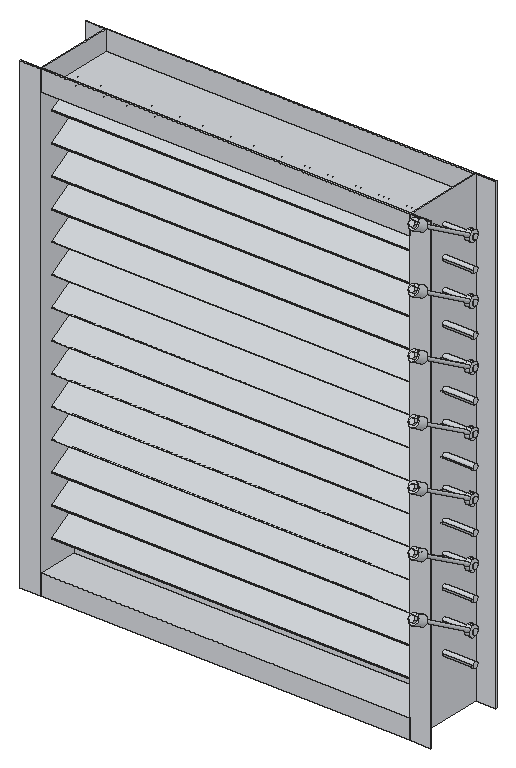
Revit family "ICB-800", category Mechanical Equipment, Revit 2015
Parameters
  Weight Spacing = 0' - 5 3/4"
  Weight Number [instance] = Blade Number / 2  # 7
  URL = "http://unitedenertech.com/catalog/pdf/F_14,15,16,17%20%20MODEL%20ICB-800.pdf"
  Type Comments = "Max. Single Section Size is (48\"w x 48\"h)"
  Model = "ICB-800"
  Manufacturer = "United Enertech Corporation"
  Keynote = "This model is only a representation of the product, blade position will vary from built dampers."
  Exact Width = 3' - 0"
  Exact Height = 3' - 6"
  Description = "Industrial Backdraft Damper"
  Blade Spacing = 0' - 2 7/8"
  Blade Number [instance] = rounddown((Exact Height - 0' 1") / Blade Spacing)  # 14
  BW [instance] = Exact Width - 0' 0 3/16"  # 2' - 11 13/16"
Reference planes (in)
  plane 1 "Center (Front/Back)": y = 0
  plane 2: z = 0
  plane 3 "Center (Left/Right)": x = 0
  plane 4: x = -18
  plane 5: x = 18
  plane 6: x = -20
  plane 7: x = 20
  plane 8: z = 42
  plane 9: z = -2
  plane 10: z = 44
  plane 11: z = 40.88937
  plane 12: x = 21.00625
  plane 13: z = 41.81144
Forms (in)
  Extrusion 1, solid
    sketch origin (-45, 57.8858, 15.83933) x (0, 1, 0) y (0, 0, -1)
      loop
        line (-57.8858, 17.83933) -> (-57.8858, 15.83933) -> (-49.8858, 15.83933) -> (-49.8858, 17.83933) -> (-49.9605, 17.83933) -> (-49.9605, 15.91403) -> (-57.8111, 15.91403) -> (-57.8111, 17.83933) -> (-57.8858, 17.83933)
    from -63 to -27
  Extrusion 2, solid
    sketch origin (-8.16067, 63.8858, 0) x (0, 1, 0) y (-1, 0, 0)
      loop
        line (-63.8858, 11.83933) -> (-63.8858, 9.83933) -> (-55.8858, 9.83933) -> (-55.8858, 11.83933) -> (-55.9605, 11.83933) -> (-55.9605, 9.91403) -> (-63.8111, 9.91403) -> (-63.8111, 11.83933) -> (-63.8858, 11.83933)
    from -2 to 44
  Extrusion 3, solid
    sketch origin (8.16067, 63.8858, 0) x (0, 1, 0) y (-1, 0, 0)
      loop
        line (-63.8858, -11.83933) -> (-63.8111, -11.83933) -> (-63.8111, -9.91403) -> (-55.9605, -9.91403) -> (-55.9605, -11.83933) -> (-55.8858, -11.83933) -> (-55.8858, -9.83933) -> (-63.8858, -9.83933) -> (-63.8858, -11.83933)
    from -2 to 44
  Extrusion 4, solid
    sketch origin (-45, -49.8858, 20.16067) x (0, -1, 0) y (0, 0, 1)
      loop
        line (-57.8858, 23.83933) -> (-57.8858, 21.83933) -> (-49.8858, 21.83933) -> (-49.8858, 23.83933) -> (-49.9605, 23.83933) -> (-49.9605, 21.91403) -> (-57.8111, 21.91403) -> (-57.8111, 23.83933) -> (-57.8858, 23.83933)
    from -63 to -27
  Extrusion 5, solid
    sketch origin (0, 0, -0.14076) x (0, 1, 0) y (0, 0, 1)
      loop
        line (4.00772, 0.14076) -> (4.75772, 0.14076) -> (4.75772, 0.23076) -> (4.09772, 0.23076) -> (4.09772, 2.41759) -> (4.00772, 2.41759) -> (4.00772, 0.14076)
    from -18 to 18
Dimensions and locks (in)
  equal spacing: plane 4, plane 3 "Center (Left/Right)", plane 5
  "Exact Width": plane 4 to plane 5
  locked: plane 6 to plane 4 at 2
  locked: plane 5 to plane 7 at 2
  "Exact Height": plane 8 to level
  locked: plane 10 to plane 8 at 2
  locked: level to plane 9 at 2
  locked: plane 5 to plane 12 at 3.00625
  locked: plane 8 to plane 11 at 1.11063
  locked: plane 8 to plane 13 at 0.18856
  equal spacing: group 2, group 3, group 4, group 5, group 6, group 7, group 8, group 9, group 10, group 11, group 12, group 13, group 19, group 21  (x2)
  equal spacing: group 21, group 19, group 13, group 12, group 11, group 10, group 9, group 8, group 7, group 6, group 5, group 4, group 3, group 2
  "Blade Spacing": nested 3 to nested 2
  equal spacing: group 1, group 14, group 15, group 16, group 17, group 18, group 20  (x2)
  equal spacing: group 20, group 18, group 17, group 16, group 15, group 14, group 1
  "Weight Spacing": nested 1 to nested 14
  aligned and locked: level to plane 2
  aligned and locked: level to Extrusion 1
  aligned and locked: Extrusion 4 to plane 8
  aligned and locked: plane 5 to Extrusion 1
  aligned and locked: plane 5 to Extrusion 4
  aligned and locked: plane 4 to Extrusion 4
  aligned and locked: plane 4 to Extrusion 1
  aligned and locked: plane 10 to Extrusion 2
  aligned and locked: plane 10 to Extrusion 3
  aligned and locked: Extrusion 3 to plane 9
  aligned and locked: Extrusion 2 to plane 9
  aligned and locked: plane 5 to Extrusion 5
  aligned and locked: plane 4 to Extrusion 5
  aligned and locked: plane 12 to nested 1
  aligned and locked: plane 3 "Center (Left/Right)" to nested 2
  aligned and locked: nested 2 to plane 11
  aligned and locked: plane 13 to nested 1
  aligned and locked: nested 1 to nested 14
Automatic sketch dimensions
  Extrusion 1 sketch curve to level = 0' - 2"
  Extrusion 1 sketch curve to plane 1 "Center (Front/Back)" = 0' - 0"
  Extrusion 1 sketch curve to Extrusion 1 sketch curve = 0' - 0.0747"  (x3)
  Extrusion 1 sketch curve to Extrusion 1 sketch curve = 0' - 7.8506"
  Extrusion 1 sketch curve to level = 0' - 0.0747"
  Extrusion 1 sketch curve to Extrusion 1 sketch curve = 0' - 1.9253"
  plane 1 "Center (Front/Back)" to Extrusion 2 sketch curve = 0' - 0"
  Extrusion 2 sketch curve to plane 6 = 0' - 0"  (x2)
  Extrusion 2 sketch curve to plane 4 = 0' - 0"
  Extrusion 2 sketch curve to plane 1 "Center (Front/Back)" = 0' - 0.0747"
  plane 4 to Extrusion 2 sketch curve = 0' - 0.0747"
  Extrusion 2 sketch curve to Extrusion 2 sketch curve = 0' - 7.8506"
  Extrusion 2 sketch curve to Extrusion 2 sketch curve = 0' - 0.0747"
  plane 1 "Center (Front/Back)" to Extrusion 3 sketch curve = 0' - 0"
  Extrusion 3 sketch curve to plane 7 = 0' - 0"  (x2)
  Extrusion 3 sketch curve to plane 5 = 0' - 0"
  Extrusion 3 sketch curve to Extrusion 3 sketch curve = 0' - 0.0747"  (x2)
  Extrusion 3 sketch curve to plane 5 = 0' - 0.0747"
  Extrusion 3 sketch curve to Extrusion 3 sketch curve = 0' - 7.8506"
  Extrusion 4 sketch curve to plane 1 "Center (Front/Back)" = 0' - 8"
  Extrusion 4 sketch curve to Extrusion 4 sketch curve = 0' - 0.0747"  (x3)
  Extrusion 4 sketch curve to Extrusion 4 sketch curve = 0' - 7.8506"
  level to Extrusion 4 sketch curve = 3' - 6"
  Extrusion 4 sketch curve to Extrusion 4 sketch curve = 0' - 1.9253"  (x2)
  Extrusion 5 sketch curve to plane 1 "Center (Front/Back)" = 0' - 4.00772"
  Extrusion 5 sketch curve to Extrusion 5 sketch curve = 0' - 0.09"  (x2)
  level to Extrusion 5 sketch curve = 0' - 0.09"
  Extrusion 5 sketch curve to Extrusion 5 sketch curve = 0' - 0.66"
  Extrusion 5 sketch curve to Extrusion 5 sketch curve = 0' - 2.18683"
Nested families (in)
  nested 1: "ICBWEIGHT" at (18.23936, -0.50932, 39.40358), type "ICBWEIGHT"
  nested 2: "ICBBlades" at (0, 2.4499, 40.09116), type "ICBBlades"
    with Blade Width 2' - 11 13/16"
  nested 3: "ICBBlades" at (0, 2.4499, 37.21616), type "ICBBlades"
    with Blade Width 2' - 11 13/16"
  nested 4: "ICBBlades" at (0, 2.4499, 34.34116), type "ICBBlades"
    with Blade Width 2' - 11 13/16"
  nested 5: "ICBBlades" at (0, 2.4499, 31.46616), type "ICBBlades"
    with Blade Width 2' - 11 13/16"
  nested 6: "ICBBlades" at (0, 2.4499, 28.59116), type "ICBBlades"
    with Blade Width 2' - 11 13/16"
  nested 7: "ICBBlades" at (0, 2.4499, 25.71616), type "ICBBlades"
    with Blade Width 2' - 11 13/16"
  nested 8: "ICBBlades" at (0, 2.4499, 22.84116), type "ICBBlades"
    with Blade Width 2' - 11 13/16"
  nested 9: "ICBBlades" at (0, 2.4499, 19.96616), type "ICBBlades"
    with Blade Width 2' - 11 13/16"
  nested 10: "ICBBlades" at (0, 2.4499, 17.09116), type "ICBBlades"
    with Blade Width 2' - 11 13/16"
  nested 11: "ICBBlades" at (0, 2.4499, 14.21616), type "ICBBlades"
    with Blade Width 2' - 11 13/16"
  nested 12: "ICBBlades" at (0, 2.4499, 11.34116), type "ICBBlades"
    with Blade Width 2' - 11 13/16"
  nested 13: "ICBBlades" at (0, 2.4499, 8.46616), type "ICBBlades"
    with Blade Width 2' - 11 13/16"
  nested 14: "ICBWEIGHT" at (18.23936, -0.50932, 33.65358), type "ICBWEIGHT"
  nested 15: "ICBWEIGHT" at (18.23936, -0.50932, 27.90358), type "ICBWEIGHT"
  nested 16: "ICBWEIGHT" at (18.23936, -0.50932, 22.15358), type "ICBWEIGHT"
  nested 17: "ICBWEIGHT" at (18.23936, -0.50932, 16.40358), type "ICBWEIGHT"
  nested 18: "ICBWEIGHT" at (18.23936, -0.50932, 10.65358), type "ICBWEIGHT"
  nested 19: "ICBBlades" at (0, 2.4499, 5.59116), type "ICBBlades"
    with Blade Width 2' - 11 13/16"
  nested 20: "ICBWEIGHT" at (18.23936, -0.50932, 4.90358), type "ICBWEIGHT"
  nested 21: "ICBBlades" at (0, 2.4499, 2.71616), type "ICBBlades"
    with Blade Width 2' - 11 13/16"
Definition of nested family "ICBWEIGHT"
  Reference planes (in)
    plane 1 "Center (Front/Back)": y = 0
    plane 2: z = 0
    plane 3 "Center (Left/Right)": x = 0
  Forms (in)
    Extrusion 1, solid
      sketch origin (4.98495, 6.38014, 21.32465) x (0, -0.5, -0.866025) y (-1, 0, 0)
        loop
          circle (17.74334, 2.46532) r 0.15625
      from 0 to 7.75
    Extrusion 2, solid
      sketch origin (4.98495, 6.16364, 21.44965) x (0, -0.5, -0.866025) y (-1, 0, 0)
        loop
          line (17.74334, 2.16756) -> (17.99334, 2.31189) -> (17.99334, 2.60057) -> (17.74334, 2.74491) -> (17.49334, 2.60057) -> (17.49334, 2.31189) -> (17.74334, 2.16756)
      from 0 to 0.25
    Extrusion 3, solid
      sketch origin (2.26689, 12.21794, 20.20438) x (0, -0.5, -0.866025) y (0, 0.866025, -0.5)
        loop
          circle (19.69206, 2.46806) r 0.2565
        loop
          line (19.2202, 2.30268) -> (19.3129, 2.14212)
          arc (19.3129, 2.14212) -> (20.12507, 2.71806) -> (19.2202, 2.30268) r 0.5
      from 0 to 0.5
    Extrusion 4, solid
      sketch origin (4.98495, -12.37573, -13.41147) x (0, 0.5, 0.866025) y (-1, 0, 0)
        loop
          circle (21.71696, 2.46806) r 0.1925
        loop
          circle (21.71696, 2.46806) r 0.5
      from 0 to 1.125
  Dimensions and locks (in)
    aligned and locked: level to plane 2
Definition of nested family "ICBBlades"
  Parameters (values of type "ICBBlades")
    Blade Width = 3' - 5 13/16"
  Reference planes (in)
    plane 1 "Center (Front/Back)": y = 0
    plane 2: z = 0
    plane 3 "Center (Left/Right)": x = 0
    plane 4: x = -20.90625
    plane 5: x = 20.90625
    plane 6: x = -21.90625
    plane 7: x = 24.15625
  Forms (in)
    Extrusion 1, solid
      sketch origin (-12.97718, 9.9771, 0.49103) x (0, 1, 0) y (0, 0, 1)
        loop
          circle (-8.427, 0.74348) r 0.25
      from -8.92907 to 37.13343
    Extrusion 2, solid
      sketch origin (-12.97718, 7.22357, 2.55576) x (0, 0.866025, 0.5) y (0, -0.5, 0.866025)
        loop
          line (-8.69966, 1.75449) -> (-5.88793, 1.75449)
          arc (-5.88793, 1.75449) -> (-5.89377, 1.70445) -> (-5.89168, 1.65411) r 0.32
          line (-5.89168, 1.65411) -> (-5.99562, 1.55017)
          arc (-5.99562, 1.55017) -> (-5.94442, 1.44589) -> (-5.86797, 1.35842) r 0.445
          line (-5.86797, 1.35842) -> (-5.71631, 1.27086) -> (-5.61238, 1.3748)
          arc (-5.61238, 1.3748) -> (-5.28486, 1.82961) -> (-5.84428, 1.8638) r 0.32
          line (-5.84428, 1.8638) -> (-8.69966, 1.81396) -> (-8.69966, 1.75449)
        loop
          arc (-5.6359, 1.45027) -> (-5.39722, 1.86927) -> (-5.81621, 1.63059) r 0.25
          line (-5.81621, 1.63059) -> (-5.91352, 1.53328)
          arc (-5.91352, 1.53328) -> (-5.86938, 1.46147) -> (-5.81032, 1.40133) r 0.375
          line (-5.81032, 1.40133) -> (-5.73077, 1.3554) -> (-5.6359, 1.45027)
      from -7.92907 to 33.88343
  Dimensions and locks (in)
    equal spacing: plane 4, plane 3 "Center (Left/Right)", plane 5
    "Blade Width": plane 4 to plane 5
    locked: plane 5 to plane 7 at 3.25
    locked: plane 6 to plane 4 at 1
    aligned and locked: level to plane 2
    aligned and locked: plane 4 to Extrusion 2
    aligned and locked: plane 5 to Extrusion 2
    aligned and locked: plane 6 to Extrusion 1
    aligned and locked: Extrusion 1 to plane 7
  Automatic sketch dimensions
    Extrusion 1 sketch curve to plane 1 "Center (Front/Back)" = 0' - 1.5501"
    level to Extrusion 1 sketch curve = 0' - 1.2345"
    Extrusion 2 sketch curve to Extrusion 2 sketch curve = 0' - 0"  (x8)
    Extrusion 2 sketch curve to level = 0' - 0.22313"
    plane 1 "Center (Front/Back)" to Extrusion 2 sketch curve = 0' - 1.21754"
    Extrusion 2 sketch curve to Extrusion 2 sketch curve = 0' - 2.70404"
    Extrusion 2 sketch curve to Extrusion 2 sketch curve = 0' - 0.0821"
    Extrusion 2 sketch curve to Extrusion 2 sketch curve = 0' - 0.02183"
    Extrusion 2 sketch curve to Extrusion 2 sketch curve = 0' - 0.00375"
    Extrusion 2 sketch curve to Extrusion 2 sketch curve = 0' - 0.04554"
    Extrusion 2 sketch curve to Extrusion 2 sketch curve = 0' - 0.04365"
    Extrusion 2 sketch curve to Extrusion 2 sketch curve = 0' - 0.07547"  (x2)
    Extrusion 2 sketch curve to Extrusion 2 sketch curve = 0' - 0.1372"
    Extrusion 2 sketch curve to Extrusion 2 sketch curve = 0' - 0.01446"
    Extrusion 2 sketch curve to Extrusion 2 sketch curve = 0' - 0.09487"
    Extrusion 2 sketch curve to Extrusion 2 sketch curve = 0' - 0.02352"  (x2)
    Extrusion 2 sketch curve to Extrusion 2 sketch curve = 0' - 0.24221"
    Extrusion 2 sketch curve to Extrusion 2 sketch curve = 0' - 0.05947"
    Extrusion 2 sketch curve to Extrusion 2 sketch curve = 0' - 0.062"
    Extrusion 2 sketch curve to Extrusion 2 sketch curve = 0' - 0.10394"
    Extrusion 2 sketch curve to Extrusion 2 sketch curve = 0' - 0.01689"
    Extrusion 2 sketch curve to Extrusion 2 sketch curve = 0' - 0.0194"
    Extrusion 2 sketch curve to Extrusion 2 sketch curve = 0' - 0.08454"
    Extrusion 2 sketch curve to Extrusion 2 sketch curve = 0' - 0.05766"
    radius of Extrusion 1 sketch curve = 0' - 0 1/4"
